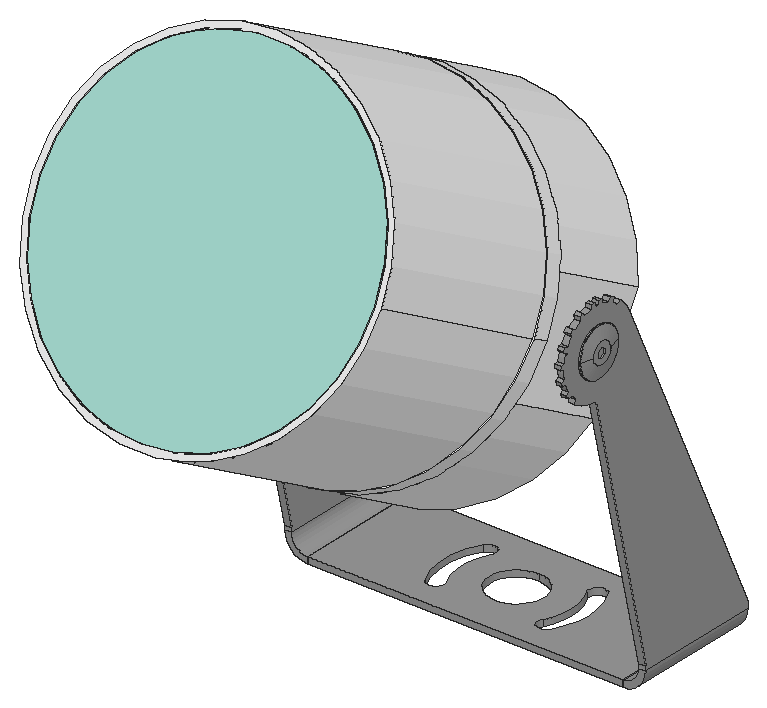
Revit family "Ginko 4.0 cons", category Lighting Fixtures, Revit 2020
Family settings
  Round Connector Dimension = Use Diameter
  Part Type = Normal
  OmniClass Number = 23.80.70.00
  OmniClass Title = Lighting
  Work Plane-Based = Yes
  Always vertical = No
  Cut with Voids When Loaded = No
  Light Source = No
  Shared = No
  Room Calculation Point = Yes
Parameters (values of type "Ginko 4.0 Adjustable 13°x65°  (3000K 25W 24Vdc)")
  Geometry = Ginko 4.0_movable : Ginko 4.0
  X1 = 100 mm
  Wiring = "parallel"
  Width mm = 109 mm
  Weight kg = "2.10 kg"
  Vertical rotation max = 360.00°
  Vertical Rotation max_1 [instance] = 90.00°
  Vertical Rotation Adjusted [instance] = if(Vertical Rotation 2 < Vertical Rotation min, Vertical Rotation min, if(Vertical Rotation 2 > Vertical Rotation max_1, Vertical Rotation max_1, Vertical Rotation 2))  # -60.00°
  Vertical Rotation 2 [instance] = Vertical Rotation - 90.00°  # -60.00°
  Vertical Rotation min [instance] = -145.00°
  URL Accessories and power supply units = "https://www.lucelight.it/en/prodotto.php/137184#a-scheda-accessori"
  URL = "https://www.lucelight.it/en/prodotto.php/137184"
  URL Technical sheet = ""
  URL Image = "https://www.lucelight.it/en/prodotto-foto.php/137184"
  URL IES Photometric file = "https://www.lucelight.it/media/prodotti/fotometrie/ginko_4.0_ies.zip"
  URL General code = "https://www.lucelight.it/en/prodotto.php/137184#a-generacodice"
  URL Description = "https://www.lucelight.it/en/capitolato.php/137184"
  URL DXF = "https://www.lucelight.it/media/prodotti/dxf/ginko_4.0.dxf"
  URL Catalogue = "https://www.lucelight.it/media/prodotti/mf_brochure/ginko_brochure_en.pdf"
  Power supply unit = "not included"
  Power supply = "24Vdc"
  Power cables = "includes 1.50/5/10/15/20 m neoprene cable H05RN-F 2x0.75/0.75 Ø6.3 mm"
  Trim = Luce&Light_Black Aluminum
  Power = "25W"
  Optics = "Adjustable 13°x65°"
  No. and type of led = "1 high power density COB LED, 2-step MacAdam, 50 000h L95 B10 (Ta 25°C)"
  Model = "Ginko 4.0"
  Manufacturer = "L&L Luce&Light"
  Light Source Ginko 4.0 = Light sourse Ginko 4.0 : Adjustable 13°x65°
  Horizontal rotation max = 190.00°
  Notes = "version with bracket in customized length available on request"
  Mounting = "surface mounted (ceiling, wall, ground, spike)"
  Material = "body in anticorodal aluminium, AISI 316L stainless steel bracket, screen in serigraphed, tempered, transparent extra-clear glass"
  Lumen output at source = "1860 lm (3000K, CRI >90), 2302 lm (3000K, CRI 80)"
  Description = "projector for outdoor applications"
  Default Elevation = 1219.2 mm
  Body = L&L_Anticorodal aluminium
  Braket = L&L_Steel inox AISI 316L
  Lens = L&L_Tempered extra-clear glass
  Length mm = 110 mm
  LED Colour = "2700K, 3000K, 4000K"
  IP = "IP66"
  Height mm = 215 mm
  H1 = 105 mm
  Vertical Rotation [instance] = 30.00°
  Features = "13°x65°, 24°x69° optics adjustable through 360° using the magnet provided"
  Energy efficiency class = "A A+ A++"
  Delivered lumen output = "1724 lm (3000K, 12°, CRI >90), 2133 lm (3000K, 12°, CRI 80)"
  Cutout dimensions = "-"
  Control system = "ON/OFF"
  Contact = "T: +39 0444 360571; E: lucelight@lucelight.it"
  Company = "L&L Luce&Light"
  Code = "-"
  CRI = "CRI 80, CRI >90"
  Apparent Load Phase 1 = 4.5 W
Types (7, lengths in mm): name | Vertical Rotation max_1 | Vertical Rotation min | Optics | Light Source Ginko 4.0
  Ginko 4.0 S 12°  (3000K 25W 24Vdc) | 90.00° | -145.00° | "12°" | Light sourse Ginko 4.0 : S 12°
  Ginko 4.0 M 26°  (3000K 25W 24Vdc) | 230.00° | -190.00° | "26°" | Light sourse Ginko 4.0 : M 26
  Ginko 4.0 L 34°  (3000K 25W 24Vdc) | 90.00° | -145.00° | "34°" | Light sourse Ginko 4.0 : L 34°
  Ginko 4.0 J 55°  (3000K 25W 24Vdc) | 90.00° | -145.00° | "55°" | Light sourse Ginko 4.0 : J 55°
  Ginko 4.0 Adjustable 13°x65°  (3000K 25W 24Vdc) | 90.00° | -145.00° | "Adjustable 13°x65°" | Light sourse Ginko 4.0 : Adjustable 13°x65°
  Ginko 4.0 Adjustable 24°x69°  (3000K 25W 24Vdc) | 90.00° | -145.00° | "Adjustable 24°x69°" | Light sourse Ginko 4.0 : Adjustable 24°x69°
  Ginko 4.0 P 38°  (3000K 25W 24Vdc) | 90.00° | -145.00° | "Sharp 38°" | Light sourse Ginko 4.0 : Sharp 38°
Reference planes
  plane 1 "Light Source Axis (F/B)": y = 0
  plane 2: z = 0
  plane 3 "Light Source Axis (L/R)": x = 0
  plane 4 "Light Source Elevation": z = 105
  plane 5: y = 100
  plane 6: z = 40
Lines and regions (mm)
  reference lines
    curve 1: line (0, -32.894, 105) -> (0, 19.068, 75)
    curve 2: line (0, -42.904, 45) -> (0, -42.904, 104)
    curve 3: line (75, 0, 0) -> (355, 0, 0)
Dimensions and locks
  "X1": plane 1 "Light Source Axis (F/B)" to plane 5
  "H1": level to plane 4 "Light Source Elevation"
  angle curve 1 to plane 1 "Light Source Axis (F/B)" = 60.00°
  angle level to curve 1 = 150.00°
  aligned and locked: level to plane 2
  aligned and locked: plane 4 "Light Source Elevation" to curve 1
Automatic sketch dimensions
  curve 1 to plane 5 = 132.894 mm
  plane 4 "Light Source Elevation" to curve 2 = 1 mm
  plane 1 "Light Source Axis (F/B)" to curve 2 = 42.904 mm
  plane 1 "Light Source Axis (F/B)" to curve 3 = 0 mm
  plane 3 "Light Source Axis (L/R)" to curve 3 = 75 mm
  curve 3 to curve 3 = 280 mm
  curve 2 to plane 6 = 5 mm
Nested families
  nested 1: "Ginko 4.0_movable" at (-5.873, -33.02, 104.993) x (0, 1, 0) z (0, 0, 1), Vertical rotation <- "Vertical Rotation Adjusted", type "Ginko 4.0"
    with Vertical rotation -60.00°
  nested 2: "Light sourse Ginko 4.0" at (-10.411, -114.047, 154.65) x (1, 0, 0) z (0, -0.866, 0.5), type <- "Light Source Ginko 4.0", type "Adjustable 13°x65°"
  nested 3: "Ginko 4.0_Braket" at (-5.986, -33.02, 0), type "Ginko 4.0_Braket"
Connectors
  electrical at (0, 0, 0), driven by "Apparent Load Phase 1"
    settings: index 1, voltage 500 V, apparent load 0 VA, apparent load phase1 4.5 VA, apparent load phase2 0 VA, apparent load phase3 0 VA, power factor 1, load classification "Lighting", number of poles 1, system type 31, power factor state 1, is connector primary yes, connector utility no, sub classification motor no, connector description ""
Definition of nested family "Ginko 4.0_movable"
  Parameters (values of type "Ginko 4.0")
    Vertical rotation [instance] = 10.00°
    Trim = none
    Lens = none
    Default Elevation = 1219.2 mm
    Body = none
  Reference planes
    plane 1 "Light Source Axis (F/B)": y = 0
    plane 2: z = 0
    plane 3 "Light Source Axis (L/R)": x = 0
    plane 4 "Light Source Elevation": z = 0
    plane 5: z = 0
  Lines and regions (mm)
    reference lines
      curve 1: line (0, 0, -45) -> (0, 0, 0)
      curve 2: line (0, 0, 0) -> (-135.711, 0, 23.929)
  Dimensions and locks
    "Vertical rotation": angle curve 2 to plane 5
    aligned and locked: level to plane 2
  Automatic sketch dimensions
    curve 2 to level = 0 mm
    curve 2 to plane 3 "Light Source Axis (L/R)" = 0 mm
    curve 1 to level = 45 mm
  Nested families
    nested 1: "Ginko 4.0_mod" at (-2.605, 0, -14.772) x (-0.9848, 0, 0.1736) z (0.1736, 0, 0.9848), type "Ginko_4.0"
      with Radius bottom 53.8 mm
  Definition of nested family "Ginko 4.0_mod"
    Parameters (values of type "Ginko_4.0")
      Upper Snoot = none
      Radius bottom = 51.5 mm
      Radius Ginko middle = 53.6 mm
      Radius Ginko inside = 52.6 mm
      Radius Ginko = 54.6 mm
      Middle ring 3.4 = no
      Middle ring 1.4 = no
      Middle ring = yes
      Middle Snoot = none
      Lower Snoot = none
      Lens = none
      Height middle ring = 4.361 mm
      Height lower ring = 40.7 mm
      Height Ginko up = 82.3 mm
      Height Ginko glass = 101.7 mm
      Height Ginko bottom = 75 mm
      Height Ginko = 110 mm
      Default Elevation = 1219.2 mm
    Reference planes
      plane 1 "Light Source Axis (F/B)": y = 0
      plane 2: z = 0
      plane 3 "Light Source Axis (L/R)": x = 0
      plane 4 "Light Source Elevation": z = 1500
      plane 5: z = 110
      plane 6: z = 101.7
      plane 7: z = 50.5
      plane 8: z = 27.7
      plane 9: z = 57.9
      plane 10: z = 40.7
      plane 11: z = 41.7
    Forms (mm)
      Extrusion 1, solid, material <- "Lower Snoot", detail levels coarse
        sketch origin (0, 0, 0) x (0, 1, 0) y (-1, 0, 0)
          loop
            circle (0, 0) r 54.6
        from 0 to 110
      Extrusion 2, solid, material <- "Lower Snoot", detail levels medium
        sketch origin (0, 0, 0) x (0, 1, 0) y (-1, 0, 0)
          loop
            circle (0, 0) r 54.6
          loop
            circle (0, 0) r 52.6
        from 35 to 110
      Extrusion 3, solid, material <- "Lens", detail levels medium
        sketch origin (3.287, 0, 57.2) x (0, 1, 0) y (-1, 0, 0)
          loop
            circle (0, 3.441) r 51.5
        from 51.8 to 52.8
      Extrusion 4, solid, material <- "Lower Snoot", detail levels fine
        sketch origin (0, 0, -27.3) x (0, 1, 0) y (-1, 0, 0)
          loop
            circle (0, 0) r 54.6
        from 62.3 to 68
      Extrusion 5, solid, material <- "Middle Snoot", detail levels fine
        sketch origin (0, 0, 0) x (0, 1, 0) y (-1, 0, 0)
          loop
            circle (0, 0) r 53.6
        from 40.7 to 41.7
      Extrusion 6, solid, material <- "Upper Snoot", detail levels fine
        sketch origin (0, 0, 0.2) x (0, 1, 0) y (-1, 0, 0)
          loop
            circle (0, 0) r 54.6
          loop
            circle (0, 0) r 52.6
        from 41.5 to 109.8
      Extrusion 7, solid, material <- "Lens", detail levels fine
        sketch origin (0, 0, 57.2) x (0, 1, 0) y (-1, 0, 0)
          loop
            circle (0, 0) r 52.6
        from 44.5 to 52.8
      Extrusion 8, solid, material <- "Lower Snoot", detail levels fine
        sketch origin (0, 0, -49.3) x (0, 1, 0) y (-1, 0, 0)
          loop
            arc (-51.886, -17) -> (0, -54.6) -> (51.886, -17) r 54.6
            line (51.886, -17) -> (51.886, 17)
            arc (51.886, 17) -> (0, 54.6) -> (-51.886, 17) r 54.6
            line (-51.886, 17) -> (-51.886, -17)
        from 49.3 to 84.3
      Extrusion 9, solid, material <- "Lower Snoot", detail levels medium
        sketch origin (0, 0, 35) x (0, 1, 0) y (-1, 0, 0)
          loop
            circle (0, 0) r 51.5
        from 0 to 1.5
      Extrusion 10, solid, material <- "Lower Snoot", detail levels medium
        sketch origin (0, 0, -67.612) x (0, 1, 0) y (-1, 0, 0)
          loop
            arc (-51.886, -17) -> (0, -54.6) -> (51.886, -17) r 54.6
            line (51.886, -17) -> (51.886, 17)
            arc (51.886, 17) -> (0, 54.6) -> (-51.886, 17) r 54.6
            line (-51.886, 17) -> (-51.886, -17)
        from 67.612 to 102.6
    Cuts and joins
      joined: Extrusion 4, Extrusion 8
      joined: Extrusion 2, Extrusion 10
    Dimensions and locks
      plane 5 to plane 2 = 110 mm
      "Height Ginko": plane 5 to level
      "Height Ginko glass": plane 6 to plane 2
      level to plane 7 = 50.5 mm
      Extrusion 7 to Extrusion 6 = 8.3 mm
      locked: Extrusion 3 to Extrusion 2 at 1
      "Height lower ring": level to plane 10
      locked: plane 10 to plane 11 at 1
      plane 5 to plane 6 = 8.3 mm
      "Height Ginko up": plane 8 to plane 5
      plane 10 to plane 2 = 40.7 mm
      plane 10 to level = 40.7 mm
      "Radius Ginko": radius of Extrusion 1 sketch curve
      "Radius Ginko": radius of Extrusion 2 sketch curve
      "Radius Ginko inside": radius of Extrusion 2 sketch curve
      "Radius bottom": radius of Extrusion 3 sketch curve
      "Radius Ginko": radius of Extrusion 6 sketch curve
      "Radius Ginko inside": radius of Extrusion 6 sketch curve
      "Radius Ginko": radius of Extrusion 4 sketch curve
      "Radius Ginko middle": radius of Extrusion 5 sketch curve
      "Radius Ginko inside": radius of Extrusion 7 sketch curve
      "Radius bottom": radius of Extrusion 9 sketch curve
      aligned and locked: level to plane 2
      aligned and locked: plane 5 to Extrusion 1
      aligned and locked: plane 5 to Extrusion 2
      aligned and locked: plane 5 to Extrusion 6
      aligned and locked: plane 5 to Extrusion 3
      aligned and locked: Extrusion 4 to Extrusion 5
      aligned and locked: plane 10 to Extrusion 4
      aligned and locked: Extrusion 5 to plane 10
      aligned and locked: Extrusion 5 to plane 11
      aligned and locked: Extrusion 7 to plane 6
      aligned and locked: plane 5 to Extrusion 7
      aligned and locked: Extrusion 6 to Extrusion 7
    Automatic sketch dimensions
      Extrusion 8 sketch curve to Extrusion 8 sketch curve = 0 mm  (x2)
      plane 1 "Light Source Axis (F/B)" to Extrusion 8 sketch curve = 0 mm
      Extrusion 8 sketch curve to plane 3 "Light Source Axis (L/R)" = 0 mm
      Extrusion 8 sketch curve to plane 3 "Light Source Axis (L/R)" = 17 mm
      plane 1 "Light Source Axis (F/B)" to Extrusion 8 sketch curve = 51.886 mm
      plane 3 "Light Source Axis (L/R)" to Extrusion 8 sketch curve = 17 mm
      Extrusion 8 sketch curve to plane 1 "Light Source Axis (F/B)" = 51.886 mm
      Extrusion 10 sketch curve to Extrusion 10 sketch curve = 0 mm  (x2)
      plane 1 "Light Source Axis (F/B)" to Extrusion 10 sketch curve = 0 mm
      Extrusion 10 sketch curve to plane 3 "Light Source Axis (L/R)" = 0 mm
      Extrusion 10 sketch curve to plane 3 "Light Source Axis (L/R)" = 17 mm
      plane 1 "Light Source Axis (F/B)" to Extrusion 10 sketch curve = 51.886 mm
      plane 3 "Light Source Axis (L/R)" to Extrusion 10 sketch curve = 17 mm
      Extrusion 10 sketch curve to plane 1 "Light Source Axis (F/B)" = 51.886 mm
      plane 1 "Light Source Axis (F/B)" to Extrusion 1 sketch curve = 0 mm
      Extrusion 1 sketch curve to plane 3 "Light Source Axis (L/R)" = 0 mm
      Extrusion 2 sketch curve to Extrusion 2 sketch curve = 0 mm  (x2)
      plane 1 "Light Source Axis (F/B)" to Extrusion 2 sketch curve = 0 mm
      Extrusion 2 sketch curve to plane 3 "Light Source Axis (L/R)" = 0 mm
      plane 1 "Light Source Axis (F/B)" to Extrusion 3 sketch curve = 0 mm
      Extrusion 3 sketch curve to plane 3 "Light Source Axis (L/R)" = 0.154 mm
      plane 1 "Light Source Axis (F/B)" to Extrusion 4 sketch curve = 0 mm
      Extrusion 4 sketch curve to plane 3 "Light Source Axis (L/R)" = 0 mm
      plane 1 "Light Source Axis (F/B)" to Extrusion 5 sketch curve = 0 mm
      Extrusion 5 sketch curve to plane 3 "Light Source Axis (L/R)" = 0 mm
      Extrusion 6 sketch curve to Extrusion 6 sketch curve = 0 mm  (x2)
      plane 1 "Light Source Axis (F/B)" to Extrusion 6 sketch curve = 0 mm
      Extrusion 6 sketch curve to plane 3 "Light Source Axis (L/R)" = 0 mm
      plane 1 "Light Source Axis (F/B)" to Extrusion 7 sketch curve = 0 mm
      Extrusion 7 sketch curve to plane 3 "Light Source Axis (L/R)" = 0 mm
      plane 1 "Light Source Axis (F/B)" to Extrusion 9 sketch curve = 0 mm
      Extrusion 9 sketch curve to plane 3 "Light Source Axis (L/R)" = 0 mm
Definition of nested family "Ginko 4.0_Braket"
  Parameters (values of type "Ginko 4.0_Braket")
    Default Elevation = 1219.2 mm
    Base Braket = none
  Reference planes
    plane 1 "Light Source Axis (F/B)": y = 0
    plane 2: z = 0
    plane 3 "Light Source Axis (L/R)": x = 0
    plane 4 "Light Source Elevation": z = 1500
  Forms (mm)
    Extrusion 1, solid, material <- "Base Braket", detail levels medium+fine
      sketch origin (42, -165.24, 0) x (0, -1, 0) y (1, 0, 0)
        loop
          line (-224.234, 7.5) -> (-224.234, -91.5) -> (-184.234, -91.5) -> (-184.234, 7.5) -> (-224.234, 7.5)
      from 0 to 2
    Extrusion 2, void
      sketch origin (42.188, -173.983, 0) x (0, -1, 0) y (1, 0, 0)
        loop
          arc (-201.602, -22.298) -> (-212.977, -19.25) -> (-224.352, -22.298) r 22.75
          arc (-224.352, -22.298) -> (-225.359, -26.054) -> (-221.602, -27.061) r 2.75
          arc (-221.602, -27.061) -> (-212.977, -24.75) -> (-204.352, -27.061) r 17.25
          arc (-204.352, -27.061) -> (-200.595, -26.054) -> (-201.602, -22.298) r 2.75
        loop
          circle (-212.977, -42) r 8.6
        loop
          arc (-221.602, -56.939) -> (-225.359, -57.946) -> (-224.352, -61.702) r 2.75
          arc (-224.352, -61.702) -> (-212.977, -64.75) -> (-201.602, -61.702) r 22.75
          arc (-201.602, -61.702) -> (-200.595, -57.946) -> (-204.352, -56.939) r 2.75
          arc (-204.352, -56.939) -> (-212.977, -59.25) -> (-221.602, -56.939) r 17.25
      from 0 to 2
    Extrusion 3, solid, material <- "Base Braket", detail levels medium
      sketch origin (56.5, -180.55, -235.942) x (0, -1, 0) y (0, 0, 1)
        loop
          arc (-199.544, 242.942) -> (-199.61, 243.568) -> (-199.536, 244.192) r 2.805
          line (-199.536, 244.192) -> (-179.996, 327.15)
          arc (-179.996, 327.15) -> (-169.104, 349.003) -> (-193.432, 346.919) r 14
          line (-193.432, 346.919) -> (-239.263, 245.926)
          arc (-239.263, 245.926) -> (-239.643, 244.456) -> (-239.544, 242.942) r 4.795
          line (-239.544, 242.942) -> (-199.544, 242.942)
      from 0 to 2
    Extrusion 4, solid, material <- "Base Braket", detail levels medium+fine
      sketch origin (-412.263, 18.994, -235.942) x (-1, 0, 0) y (0, 0, 1)
        loop
          arc (-468.763, 242.942) -> (-466.713, 237.992) -> (-461.763, 235.942) r 7
          line (-461.763, 235.942) -> (-461.763, 237.942)
          arc (-461.763, 237.942) -> (-465.298, 239.406) -> (-466.763, 242.942) r 5
          line (-466.763, 242.942) -> (-468.763, 242.942)
      from 0 to 40
    Extrusion 5, solid, material <- "Base Braket", detail levels medium
      sketch origin (-56.5, -180.55, -235.942) x (0, -1, 0) y (0, 0, -1)
        loop
          line (-199.544, -242.942) -> (-239.544, -242.942)
          arc (-239.544, -242.942) -> (-239.595, -244.567) -> (-239.17, -246.138) r 5.527
          line (-239.17, -246.138) -> (-193.09, -347.319)
          arc (-193.09, -347.319) -> (-168.792, -348.677) -> (-180.005, -327.087) r 14
          line (-180.005, -327.087) -> (-199.566, -244.181)
          arc (-199.566, -244.181) -> (-199.633, -243.56) -> (-199.544, -242.942) r 2.507
      from 0 to 2
    Extrusion 6, solid, material <- "Base Braket", detail levels medium+fine
      sketch origin (412.263, 18.994, -235.942) x (1, 0, 0) y (0, 0, -1)
        loop
          line (-468.763, -242.942) -> (-466.763, -242.942)
          arc (-466.763, -242.942) -> (-465.298, -239.406) -> (-461.763, -237.942) r 5
          line (-461.763, -237.942) -> (-461.763, -235.942)
          arc (-461.763, -235.942) -> (-466.713, -237.992) -> (-468.763, -242.942) r 7
      from 0 to 40
    Extrusion 7, solid, material <- "Base Braket", detail levels coarse
      sketch origin (42, -180.55, -235.942) x (0, -1, 0) y (0, 0, 1)
        loop
          line (-243.605, 235.942) -> (-201.525, 235.942) -> (-177.058, 337.406) -> (-197.596, 337.406) -> (-243.605, 235.942)
      from -14.5 to 98.5
    Extrusion 8, solid, material <- "Base Braket", detail levels fine
      sketch origin (56.5, -180.55, -235.942) x (0, -1, 0) y (0, 0, 1)
        loop
          arc (-199.544, 242.942) -> (-199.622, 243.609) -> (-199.544, 244.277) r 2.909
          line (-199.544, 244.277) -> (-180.005, 327.087)
          arc (-180.005, 327.087) -> (-175.802, 327.906) -> (-172.044, 329.957) r 14
          line (-172.044, 329.957) -> (-172.475, 331.143)
          arc (-172.475, 331.143) -> (-171.458, 331.985) -> (-170.616, 333.002) r 7.048
          line (-170.616, 333.002) -> (-169.43, 332.571) -> (-168.753, 333.537) -> (-169.564, 334.503)
          arc (-169.564, 334.503) -> (-168.907, 335.648) -> (-168.453, 336.887) r 7.776
          line (-168.453, 336.887) -> (-167.191, 336.887) -> (-166.886, 338.026) -> (-167.979, 338.657)
          arc (-167.979, 338.657) -> (-167.723, 340.118) -> (-167.721, 341.602) r 8.624
          line (-167.721, 341.602) -> (-166.574, 341.909) -> (-166.642, 342.879) -> (-167.903, 343.079)
          arc (-167.903, 343.079) -> (-168.147, 344.387) -> (-168.59, 345.642) r 8.58
          line (-168.59, 345.642) -> (-167.623, 346.453) -> (-168.122, 347.523) -> (-169.364, 347.303)
          arc (-169.364, 347.303) -> (-170.031, 348.441) -> (-170.873, 349.457) r 8.178
          line (-170.873, 349.457) -> (-170.242, 350.55) -> (-171.076, 351.384) -> (-172.206, 350.732)
          arc (-172.206, 350.732) -> (-173.193, 351.598) -> (-174.321, 352.269) r 7.154
          line (-174.321, 352.269) -> (-174.104, 353.504) -> (-175.17, 354.035) -> (-175.997, 353.021)
          arc (-175.997, 353.021) -> (-177.242, 353.429) -> (-178.522, 353.707) r 12.723
          line (-178.522, 353.707) -> (-178.743, 354.96)
          arc (-178.743, 354.96) -> (-179.229, 355.014) -> (-179.717, 355.052) r 14
          line (-179.717, 355.052) -> (-180.036, 353.862)
          arc (-180.036, 353.862) -> (-180.576, 353.873) -> (-181.117, 353.862) r 12.723
          line (-181.117, 353.862) -> (-181.457, 355.047) -> (-182.356, 354.96) -> (-182.576, 353.715)
          arc (-182.576, 353.715) -> (-183.864, 353.441) -> (-185.116, 353.036) r 12.723
          line (-185.116, 353.036) -> (-185.926, 354.003) -> (-186.995, 353.504) -> (-186.776, 352.261)
          arc (-186.776, 352.261) -> (-187.89, 351.561) -> (-188.926, 350.751) r 12.723
          line (-188.926, 350.751) -> (-190.023, 351.384) -> (-190.857, 350.55)
          arc (-190.857, 350.55) -> (-192.084, 349.012) -> (-193.082, 347.316) r 14
          line (-193.082, 347.316) -> (-239.403, 245.62)
          arc (-239.403, 245.62) -> (-239.727, 244.294) -> (-239.544, 242.942) r 3.663
          line (-239.544, 242.942) -> (-199.544, 242.942)
      from 0 to 2
    Extrusion 9, solid, material <- "Base Braket", detail levels fine
      sketch origin (56.5, -180.55, 30.239) x (0, -1, 0) y (0, 0, 1)
        loop
          circle (-180.55, 75) r 7.5
      from 0 to -0.7
    Blend 10, solid, material <- "Base Braket", detail levels fine
      base sketch origin (56.5, -180.55, 30.239) x (0, -1, 0) y (0, 0, 1)
        loop
          circle (-180.55, 75) r 7.5
      top sketch origin (56.5, -180.55, 30.239) x (0, -1, 0) y (0, 0, 1)
        loop
          circle (-180.55, 75) r 3.35
      from -0.7 to -1.6
    Extrusion 11, solid, material <- "Base Braket", detail levels fine
      sketch origin (-56.5, -180.55, -201.432) x (0, -1, 0) y (0, 0, -1)
        loop
          line (-199.544, -208.432) -> (-239.544, -208.432)
          arc (-239.544, -208.432) -> (-239.595, -210.058) -> (-239.17, -211.628) r 5.527
          line (-239.17, -211.628) -> (-193.09, -312.81)
          arc (-193.09, -312.81) -> (-192.084, -314.502) -> (-190.857, -316.04) r 14
          line (-190.857, -316.04) -> (-190.023, -316.874) -> (-188.926, -316.241)
          arc (-188.926, -316.241) -> (-187.89, -317.051) -> (-186.776, -317.751) r 12.723
          line (-186.776, -317.751) -> (-186.996, -318.994) -> (-185.927, -319.493) -> (-185.116, -318.526)
          arc (-185.116, -318.526) -> (-183.864, -318.931) -> (-182.576, -319.205) r 12.723
          line (-182.576, -319.205) -> (-182.356, -320.45) -> (-181.457, -320.537) -> (-181.117, -319.352)
          arc (-181.117, -319.352) -> (-180.576, -319.363) -> (-180.036, -319.352) r 12.723
          line (-180.036, -319.352) -> (-179.717, -320.542)
          arc (-179.717, -320.542) -> (-179.229, -320.504) -> (-178.743, -320.45) r 14
          line (-178.743, -320.45) -> (-178.522, -319.197)
          arc (-178.522, -319.197) -> (-177.242, -318.919) -> (-175.997, -318.511) r 12.723
          line (-175.997, -318.511) -> (-175.17, -319.525) -> (-174.104, -318.994) -> (-174.322, -317.759)
          arc (-174.322, -317.759) -> (-173.193, -317.088) -> (-172.206, -316.222) r 7.154
          line (-172.206, -316.222) -> (-171.076, -316.874) -> (-170.242, -316.04) -> (-170.873, -314.948)
          arc (-170.873, -314.948) -> (-170.032, -313.931) -> (-169.365, -312.793) r 8.178
          line (-169.365, -312.793) -> (-168.122, -313.013) -> (-167.623, -311.944) -> (-168.59, -311.132)
          arc (-168.59, -311.132) -> (-168.147, -309.877) -> (-167.903, -308.569) r 8.58
          line (-167.903, -308.569) -> (-166.642, -308.369) -> (-166.574, -307.399) -> (-167.721, -307.092)
          arc (-167.721, -307.092) -> (-167.723, -305.608) -> (-167.979, -304.147) r 8.624
          line (-167.979, -304.147) -> (-166.886, -303.516) -> (-167.191, -302.377) -> (-168.453, -302.377)
          arc (-168.453, -302.377) -> (-168.907, -301.138) -> (-169.565, -299.993) r 7.776
          line (-169.565, -299.993) -> (-168.753, -299.027) -> (-169.43, -298.061) -> (-170.616, -298.492)
          arc (-170.616, -298.492) -> (-171.458, -297.475) -> (-172.475, -296.633) r 7.048
          line (-172.475, -296.633) -> (-172.044, -295.447)
          arc (-172.044, -295.447) -> (-175.802, -293.396) -> (-180.005, -292.577) r 14
          line (-180.005, -292.577) -> (-199.544, -209.767)
          arc (-199.544, -209.767) -> (-199.622, -209.1) -> (-199.544, -208.432) r 2.907
      from 0 to 2
    Extrusion 12, void
      sketch origin (56.5, -180.55, 30.239) x (0, -1, 0) y (0, 0, 1)
        loop
          line (-182.05, 75.866) -> (-182.05, 74.134) -> (-180.55, 73.268) -> (-179.05, 74.134) -> (-179.05, 75.866) -> (-180.55, 76.732) -> (-182.05, 75.866)
      from -5.541 to -0.7
    Extrusion 13, solid, material <- "Base Braket", detail levels fine
      sketch origin (-56.5, -180.55, 30.239) x (0, -1, 0) y (0, 0, -1)
        loop
          circle (-180.55, -75) r 7.5
      from 0 to -0.7
    Blend 14, solid, material <- "Base Braket", detail levels fine
      base sketch origin (-56.5, -180.55, 30.239) x (0, -1, 0) y (0, 0, -1)
        loop
          circle (-180.55, -75) r 7.5
      top sketch origin (-56.5, -180.55, 30.239) x (0, -1, 0) y (0, 0, -1)
        loop
          circle (-180.55, -75) r 3.35
      from -0.7 to -1.6
    Extrusion 15, void
      sketch origin (-56.5, -180.55, 30.239) x (0, -1, 0) y (0, 0, -1)
        loop
          line (-182.05, -75.866) -> (-180.55, -76.732) -> (-179.05, -75.866) -> (-179.05, -74.134) -> (-180.55, -73.268) -> (-182.05, -74.134) -> (-182.05, -75.866)
      from -5.541 to -0.7
  Cuts and joins
    Extrusion 2 cuts Extrusion 1
    Extrusion 12 cuts Extrusion 3
    Extrusion 12 cuts Extrusion 7
    Extrusion 12 cuts Extrusion 8
    Extrusion 12, Extrusion 15 cuts Extrusion 9
    Extrusion 12, Extrusion 15 cuts Blend 10
    Extrusion 15 cuts Extrusion 13
    Extrusion 15 cuts Blend 14
  Dimensions and locks
    cut or joined group of Extrusion 7, Extrusion 12 to cut or joined group of Extrusion 8, Extrusion 12 = 113 mm
    plane 2 to Extrusion 7 = 101.464 mm
    aligned and locked: level to plane 2
Definition of nested family "Light sourse Ginko 4.0"
  Parameters (values of type "Adjustable 13°x65°")
    Wattage = 12.5217 W
    built-in parameter 1150110 = 1 (stored number, unit not read)
    built-in parameter 1114217 = 1 (stored number, unit not read)
    Tilt Angle = -90.00°
    built-in parameter 1150109 = 1 (stored number, unit not read)
    built-in parameter 1150134 = (empty or 0)
    built-in parameter 1150113 = 1 (stored number, unit not read)
    Photometric Web File = "GINKO 4.0 W 13°x65° magnet  [3000K CRI90 25W 24Vdc].IES"
    Lumens = 1860 lm
    built-in parameter 1150115 = 1 (stored number, unit not read)
    built-in parameter 1150105 = 4979.4 (stored number, unit not read)
    built-in parameter 1150137 = (empty or 0)
    built-in parameter 1150139 = (empty or 0)
    built-in parameter 1150112 = 1 (stored number, unit not read)
    built-in parameter 1150114 = 1 (stored number, unit not read)
    built-in parameter 1150132 = 2
    built-in parameter 1150102 = (empty or 0)
    built-in parameter 1150138 = (empty or 0)
    built-in parameter 1150107 = 3000 (stored number, unit not read)
    built-in parameter 1150106 = 49.794 (stored number, unit not read)
    built-in parameter 1150104 = 13.8 (stored number, unit not read)
    Dimming Lamp Color Temperature Shift = (empty or 0)
    Default Elevation = 1219.2 mm
    Color Filter = 16777215
    built-in parameter 1114218 = 1 (stored number, unit not read)
    built-in parameter 1150133 = 10 (stored number, unit not read)
  Types (7, lengths in mm): name | Wattage | Photometric Web File | Lumens | built-in parameter 1150105 | built-in parameter 1150106
    S 12° | 12.5217 W | "GINKO 4.0 S 12° [3000K CRI90 25W 24Vdc].IES" | 1860 lm | 27459.8 (stored number, unit not read) | 274.6 (stored number, unit not read)
    M 26 | 12.5217 W | "GINKO 4.0 M 26° [3000K CRI90 25W 24Vdc].IES" | 1860 lm | 8519.8 (stored number, unit not read) | 85.198 (stored number, unit not read)
    Sharp 38° | 9.2903 W | "GINKO 4.0 P (38°) [3000K CRI90 25W 24Vdc].IES" | 1380 lm | 109.82 (stored number, unit not read) | 1.0982 (stored number, unit not read)
    L 34° | 12.5217 W | "GINKO 4.0 L 34° [3000K CRI90 25W 24Vdc].IES" | 1860 lm | 148.01 (stored number, unit not read) | 1.4801 (stored number, unit not read)
    J 55° | 12.5217 W | "GINKO 4.0 J 55° [3000K CRI90 25W 24Vdc].IES" | 1860 lm | 4979.4 (stored number, unit not read) | 49.794 (stored number, unit not read)
    Adjustable 24°x69° | 12.5217 W | "GINKO 4.0 X 24°x69° magnet  [3000K CRI90 25W 24Vdc].IES" | 1860 lm | 4979.4 (stored number, unit not read) | 49.794 (stored number, unit not read)
    Adjustable 13°x65° | 12.5217 W | "GINKO 4.0 W 13°x65° magnet  [3000K CRI90 25W 24Vdc].IES" | 1860 lm | 4979.4 (stored number, unit not read) | 49.794 (stored number, unit not read)
  Reference planes
    plane 1 "Light Source Axis (F/B)": y = 0
    plane 2: z = 0
    plane 3 "Light Source Axis (L/R)": x = 0
    plane 4 "Light Source Elevation": z = 0
  Dimensions and locks
    aligned and locked: plane 3 "Light Source Axis (L/R)" to imposter light
    aligned and locked: plane 1 "Light Source Axis (F/B)" to imposter light
    aligned and locked: plane 4 "Light Source Elevation" to imposter light
    aligned and locked: level to plane 2
    aligned and locked: plane 4 "Light Source Elevation" to level
